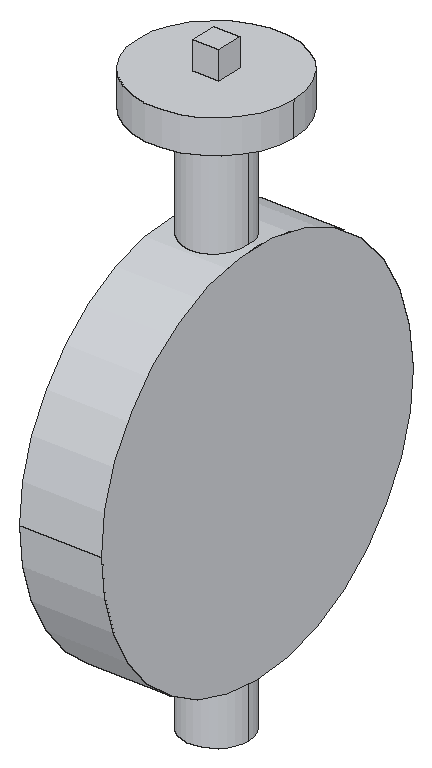
Revit family "HS497-68_disk-nerez_volné vřeteno DN250-RFA_2019", category Pipe Accessories, Revit 2019
Family settings
  Round Connector Dimension = Use Diameter
  Part Type = Valve - Breaks Into
  Work Plane-Based = No
  Always vertical = Yes
  Cut with Voids When Loaded = No
  Shared = No
Parameters (values of type "HS 497-68_DN250_PN16_volné vřeteno")
  magiProductId = "b662e8305ca2402b9c510e66e6aa55"
  magiProductFamilyId = "53cea81e6f374d17b8841d9c72ad77"
  magiPartTypeId = 305
  isMeasuringValve [instance] = no
  ang2D [instance] = 0.00°
  X11 = 88.77 mm
  X1 = 36.77 mm
  W2D = 1000 mm
  VersionID = "2.0/2017.9.26.1/ZETKAMA_497_001"
  Use Minimum Symbol Size [instance] = yes
  URL = "http://www.hydronic.cz"
  Type Comments = "mezipřírubová; nerezový disk; PN16; -10~+110°C (krátkodobě +120°C)"
  SW30 = no
  SW3 = no
  SW21 = no
  SW20 = no
  SW2 = no
  SW1 = yes
  R = 125 mm
  QmdConnectorList = "301;D;302;D"
  Productdata [instance] = ""
  NC = 50 mm
  Manufacturer = "Hydronic Systems Prague s.r.o."
  MM20 = 36.77 mm
  MC Product Code = "124 250 (nerezový disk, s volným vřetenem; DN250; PN16, kvs4555)"
  M41 = 66 mm
  M4 = 44 mm
  LHL = 220 mm
  LHH3 = 2.45 mm
  LHH1 = 46.55 mm
  LH1 = 73.333 mm
  L4R__ve = -L4R  # -12.8 mm
  L4R = 12.8 mm
  L42__ve = -L42  # -96 mm
  L42 = 96 mm
  L41__ve = -L41  # -19.2 mm
  L41 = 19.2 mm
  L2D_Min = 3048 mm
  L2D = 216 mm
  L2 = 34 mm
  L1 = 54.4 mm
  L = 68 mm
  H = 23 mm
  G22 = 11.25 mm
  G2 = 22.5 mm
  G1 = 90 mm
  G = 130 mm
  F = 22 mm
  E44 = 31.25 mm
  E42 = 62.5 mm
  E4 = 125 mm
  E23 = 4.9 mm
  E22 = 19.6 mm
  E21 = 9.8 mm
  Description = "Mezipřírubová uzavírací klapka s volným vřetenem; nerezový disk, DN250; PN16; kvs4555"
  DR2 = 125 mm
  DR = 324 mm
  DD1 = 15.625 mm
  DD = 12.5 mm
  D = 250 mm
  CAT0 = yes
  B2__ve = -B2  # -85 mm
  B2 = 85 mm
  A2 = 28.25 mm
  A1 = 129.25 mm
Types (43, lengths in mm): name | magiProductId | X11 | X1 | Type Comments | SW30 | SW3 | SW20 | SW2 | SW1 | R | NC | Manufacturer | MM20 | MC Product Code | M41 | M4 | LHL | LHH3 | LHH1 | LH1 | L4R__ve | L4R | L42__ve | L42 | L41__ve | L41 | L2 | L1 | L | H | G | F | E44 | E42 | E4 | E23 | E22 | E21 | Description | DR2 | DR | DD1 | DD | D | B2__ve | B2 | A2 | A1
  HS 497-68_DN100_PN16_volné vřeteno | "65d1b245f4f142c78569c0602d5754" | 61.456 | 25.456 | "mezipřírubová; nerezový disk; PN16; -10~+110°C (krátkodobě +120°C)" | no | no | no | no | yes | 50 | 50 | "Hydronic Systems Prague s.r.o." | 25.456 | "124 100 (nerezový disk, s volným vřetenem; DN100; PN16, kvs512)" | 66 | 44 | 220 | 2.45 | 46.55 | 73.333 | -12.8 | 12.8 | -96 | 96 | -19.2 | 19.2 | 26 | 41.6 | 52 | 30 | 90 | 11 | 31.25 | 62.5 | 125 | 4.9 | 19.6 | 9.8 | "Mezipřírubová uzavírací klapka s volným vřetenem; nerezový disk, DN100; PN16; kvs512" | 50 | 147 | 15.625 | 12.5 | 100 | -56 | 56 | 16.5 | 98.5
  HS 497-68_DN100_PN16_převodové kolo | "11e91b807e674d428c8e796fcdcfe2" | 61.456 | 25.456 | "mezipřírubová; nerezový disk; PN16; -10~+110°C (krátkodobě +120°C)" | yes | yes | no | no | no | 50 | 50 | "Hydronic Systems Prague s.r.o." | 25.456 | "126 100 (nerezový disk, s převodovým kolem; DN100; PN16, kvs512)" | 65.25 | 43.5 | 220 | 2.45 | 46.55 | 73.333 | -12.8 | 12.8 | -96 | 96 | -19.2 | 19.2 | 26 | 41.6 | 52 | 30 | 90 | 11 | 31.25 | 62.5 | 125 | 4.9 | 19.6 | 9.8 | "Mezipřírubová uzavírací klapka s převodovým kolem; nerezový disk, DN100; PN16; kvs512" | 50 | 147 | 15.625 | 12.5 | 100 | -56 | 56 | 16.5 | 98.5
  HS 497-68_DN100_PN16_s pákou | "28172f0b3f4b47b28323ac71cf8749" | 61.456 | 25.456 | "mezipřírubová; nerezový disk; PN16; -10~+110°C (krátkodobě +120°C)" | no | no | yes | yes | no | 50 | 50 | "Hydronic Systems Prague s.r.o." | 25.456 | "121 100 (nerezový disk, s pákou; DN100; PN16, kvs512)" | 66 | 44 | 260 | 3 | 57 | 86.667 | -12.8 | 12.8 | -96 | 96 | -19.2 | 19.2 | 26 | 41.6 | 52 | 30 | 90 | 11 | 31.25 | 62.5 | 125 | 6 | 24 | 12 | "Mezipřírubová uzavírací klapka s pákou; nerezový disk, DN100; PN16; kvs512" | 50 | 147 | 15.625 | 12.5 | 100 | -56 | 56 | 16.5 | 98.5
  HS 497-68_DN125_PN16_volné vřeteno | "0d813d910fc14f628bb3c2efbd185c" | 61.456 | 25.456 | "mezipřírubová; nerezový disk; PN16; -10~+110°C (krátkodobě +120°C)" | no | no | no | no | yes | 62.5 | 50 | "Hydronic Systems Prague s.r.o." | 25.456 | "124 125 (nerezový disk, s volným vřetenem; DN125; PN16, kvs872)" | 66 | 44 | 220 | 2.45 | 46.55 | 73.333 | -12.8 | 12.8 | -96 | 96 | -19.2 | 19.2 | 28 | 44.8 | 56 | 33 | 90 | 14 | 31.25 | 62.5 | 125 | 4.9 | 19.6 | 9.8 | "Mezipřírubová uzavírací klapka s volným vřetenem; nerezový disk, DN125; PN16; kvs872" | 62.5 | 180 | 15.625 | 12.5 | 125 | -64 | 64 | 18 | 99.5
  HS 497-68_DN125_PN16_převodové kolo | "c56b7c13f372467684996fb1e0e229" | 61.456 | 25.456 | "mezipřírubová; nerezový disk; PN16; -10~+110°C (krátkodobě +120°C)" | yes | yes | no | no | no | 62.5 | 50 | "Hydronic Systems Prague s.r.o." | 25.456 | "126125 (nerezový disk, s převodovým kolem; DN125; PN16, kvs872)" | 65.25 | 43.5 | 220 | 2.45 | 46.55 | 73.333 | -13.5 | 13.5 | -101.25 | 101.25 | -20.25 | 20.25 | 28 | 44.8 | 56 | 33 | 90 | 14 | 40 | 80 | 160 | 4.9 | 19.6 | 9.8 | "Mezipřírubová uzavírací klapka s převodovým kolem; nerezový disk, DN125; PN16; kvs872" | 62.5 | 180 | 20 | 16 | 125 | -64 | 64 | 18 | 99.5
  HS 497-68_DN125_PN16_s pákou | "105993c79a91492399feef7931321a" | 61.456 | 25.456 | "mezipřírubová; nerezový disk; PN16; -10~+110°C (krátkodobě +120°C)" | no | no | yes | yes | no | 62.5 | 50 | "Hydronic Systems Prague s.r.o." | 25.456 | "121 125 (nerezový disk, s pákou; DN125; PN16, kvs872)" | 66 | 44 | 315 | 3.75 | 71.25 | 105 | -12.8 | 12.8 | -96 | 96 | -19.2 | 19.2 | 28 | 44.8 | 56 | 33 | 90 | 14 | 31.25 | 62.5 | 125 | 7.5 | 30 | 15 | "Mezipřírubová uzavírací klapka s pákou; nerezový disk, DN125; PN16; kvs872" | 62.5 | 180 | 15.625 | 12.5 | 125 | -64 | 64 | 18 | 99.5
  HS 497-68_DN150_PN16_volné vřeteno | "50c80cb8ab434f55ab7796e5ac1331" | 61.456 | 25.456 | "mezipřírubová; nerezový disk; PN16; -10~+110°C (krátkodobě +120°C)" | no | no | no | no | yes | 75 | 50 | "Hydronic Systems Prague s.r.o." | 25.456 | "124 150 (nerezový disk, s volným vřetenem; DN150; PN16, kvs1347)" | 66 | 44 | 220 | 2.45 | 46.55 | 73.333 | -12.8 | 12.8 | -96 | 96 | -19.2 | 19.2 | 28 | 44.8 | 56 | 33 | 90 | 14 | 31.25 | 62.5 | 125 | 4.9 | 19.6 | 9.8 | "Mezipřírubová uzavírací klapka s volným vřetenem; nerezový disk, DN150; PN16; kvs1347" | 75 | 206 | 15.625 | 12.5 | 150 | -58 | 58 | 19.3 | 98.7
  HS 497-68_DN150_PN16_převodové kolo | "d94a1a0cf83b476eb10011b327f709" | 61.456 | 25.456 | "mezipřírubová; nerezový disk; PN16; -10~+110°C (krátkodobě +120°C)" | yes | yes | no | no | no | 75 | 50 | "Hydronic Systems Prague s.r.o." | 25.456 | "126 150 (nerezový disk, s převodovým kolem; DN150; PN16, kvs1347)" | 65.25 | 43.5 | 220 | 2.45 | 46.55 | 73.333 | -13.5 | 13.5 | -101.25 | 101.25 | -20.25 | 20.25 | 28 | 44.8 | 56 | 33 | 90 | 14 | 40 | 80 | 160 | 4.9 | 19.6 | 9.8 | "Mezipřírubová uzavírací klapka s převodovým kolem; nerezový disk, DN150; PN16; kvs1347" | 75 | 206 | 20 | 16 | 150 | -58 | 58 | 19.3 | 98.7
  HS 497-68_DN150_PN16_s pákou | "4d2835523fe84828bc50ff0a5a0dfb" | 61.456 | 25.456 | "mezipřírubová; nerezový disk; PN16; -10~+110°C (krátkodobě +120°C)" | no | no | yes | yes | no | 75 | 50 | "Hydronic Systems Prague s.r.o." | 25.456 | "121 150 (nerezový disk, s pákou; DN150; PN16, kvs1347)" | 66 | 44 | 315 | 3.75 | 71.25 | 105 | -12.8 | 12.8 | -96 | 96 | -19.2 | 19.2 | 28 | 44.8 | 56 | 33 | 90 | 14 | 31.25 | 62.5 | 125 | 7.5 | 30 | 15 | "Mezipřírubová uzavírací klapka s pákou; nerezový disk, DN150; PN16; kvs1347" | 75 | 206 | 15.625 | 12.5 | 150 | -58 | 58 | 19.3 | 98.7
  HS 497-68_DN200_PN16_volné vřeteno | "5b29029eaeba47139ee1055a4b9201" | 61.456 | 25.456 | "mezipřírubová; nerezový disk; PN16; -10~+110°C (krátkodobě +120°C)" | no | no | no | no | yes | 100 | 50 | "Hydronic Systems Prague s.r.o." | 25.456 | "124 200 (nerezový disk, s volným vřetenem; DN200; PN16, kvs2675)" | 66 | 44 | 220 | 2.45 | 46.55 | 73.333 | -12.8 | 12.8 | -96 | 96 | -19.2 | 19.2 | 30 | 48 | 60 | 33 | 90 | 17 | 31.25 | 62.5 | 125 | 4.9 | 19.6 | 9.8 | "Mezipřírubová uzavírací klapka s volným vřetenem; nerezový disk, DN200; PN16; kvs2675" | 100 | 257 | 15.625 | 12.5 | 200 | -70 | 70 | 22.5 | 102.5
  HS 497-68_DN200_PN16_převodové kolo | "b2793cc1fcc44cf2a35062cd67c04f" | 61.456 | 25.456 | "mezipřírubová; nerezový disk; PN16; -10~+110°C (krátkodobě +120°C)" | yes | yes | no | no | no | 100 | 57 | "Hydronic Systems Prague s.r.o." | 25.456 | "126 200 (nerezový disk, s převodovým kolem; DN200; PN16, kvs2675)" | 78.75 | 52.5 | 220 | 2.45 | 46.55 | 73.333 | -15.2 | 15.2 | -114 | 114 | -22.8 | 22.8 | 30 | 48 | 60 | 33 | 90 | 17 | 50 | 100 | 200 | 4.9 | 19.6 | 9.8 | "Mezipřírubová uzavírací klapka s převodovým kolem; nerezový disk, DN200; PN16; kvs2675" | 100 | 257 | 25 | 20 | 200 | -70 | 70 | 22.5 | 102.5
  HS 497-68_DN200_PN16_s pákou | "f88d96c7af224537a51e72d7d8fffe" | 61.456 | 25.456 | "mezipřírubová; nerezový disk; PN16; -10~+110°C (krátkodobě +120°C)" | no | no | yes | yes | no | 100 | 50 | "Hydronic Systems Prague s.r.o." | 25.456 | "121 200 (nerezový disk, s pákou; DN200; PN16, kvs2675)" | 66 | 44 | 315 | 3.75 | 71.25 | 105 | -12.8 | 12.8 | -96 | 96 | -19.2 | 19.2 | 30 | 48 | 60 | 33 | 90 | 17 | 31.25 | 62.5 | 125 | 7.5 | 30 | 15 | "Mezipřírubová uzavírací klapka s pákou; nerezový disk, DN200; PN16; kvs2675" | 100 | 257 | 15.625 | 12.5 | 200 | -70 | 70 | 22.5 | 102.5
  HS 497-68_DN250_PN16_volné vřeteno | "b662e8305ca2402b9c510e66e6aa55" | 88.77 | 36.77 | "mezipřírubová; nerezový disk; PN16; -10~+110°C (krátkodobě +120°C)" | no | no | no | no | yes | 125 | 50 | "Hydronic Systems Prague s.r.o." | 36.77 | "124 250 (nerezový disk, s volným vřetenem; DN250; PN16, kvs4555)" | 66 | 44 | 220 | 2.45 | 46.55 | 73.333 | -12.8 | 12.8 | -96 | 96 | -19.2 | 19.2 | 34 | 54.4 | 68 | 23 | 130 | 22 | 31.25 | 62.5 | 125 | 4.9 | 19.6 | 9.8 | "Mezipřírubová uzavírací klapka s volným vřetenem; nerezový disk, DN250; PN16; kvs4555" | 125 | 324 | 15.625 | 12.5 | 250 | -85 | 85 | 28.25 | 129.25
  HS 497-68_DN250_PN16_převodové kolo | "5ee9016806664ddfaa2632711f295c" | 88.77 | 36.77 | "mezipřírubová; nerezový disk; PN16; -10~+110°C (krátkodobě +120°C)" | yes | yes | no | no | no | 125 | 70 | "Hydronic Systems Prague s.r.o." | 36.77 | "126 250 (nerezový disk, s převodovým kolem; DN250; PN16, kvs4555)" | 91.5 | 61 | 220 | 2.45 | 46.55 | 73.333 | -22.2 | 22.2 | -166.5 | 166.5 | -33.3 | 33.3 | 34 | 54.4 | 68 | 23 | 130 | 22 | 62.5 | 125 | 250 | 4.9 | 19.6 | 9.8 | "Mezipřírubová uzavírací klapka s převodovým kolem; nerezový disk, DN250; PN16; kvs4555" | 125 | 324 | 31.25 | 25 | 250 | -85 | 85 | 28.25 | 129.25
  HS 497-68_DN300_PN16_volné vřeteno | "e1886f51ff004380a649519258edf2" | 88.77 | 36.77 | "mezipřírubová; nerezový disk; PN16; -10~+110°C (krátkodobě +120°C)" | no | no | no | no | yes | 150 | 50 | "Hydronic Systems Prague s.r.o." | 36.77 | "124 300 (nerezový disk, s volným vřetenem; DN300; PN16, kvs7037)" | 66 | 44 | 220 | 2.45 | 46.55 | 73.333 | -12.8 | 12.8 | -96 | 96 | -19.2 | 19.2 | 39 | 62.4 | 78 | 23 | 130 | 22 | 31.25 | 62.5 | 125 | 4.9 | 19.6 | 9.8 | "Mezipřírubová uzavírací klapka s volným vřetenem; nerezový disk, DN300; PN16; kvs7037" | 150 | 376 | 15.625 | 12.5 | 300 | -90 | 90 | 30.8 | 127.2
  HS 497-68_DN300_PN16_převodové kolo | "6860f094f77d42088fbebc3c97f755" | 88.77 | 36.77 | "mezipřírubová; nerezový disk; PN16; -10~+110°C (krátkodobě +120°C)" | yes | yes | no | no | no | 150 | 70 | "Hydronic Systems Prague s.r.o." | 36.77 | "126 300 (nerezový disk, s převodovým kolem; DN300; PN16, kvs7037)" | 91.5 | 61 | 220 | 2.45 | 46.55 | 73.333 | -22.2 | 22.2 | -166.5 | 166.5 | -33.3 | 33.3 | 39 | 62.4 | 78 | 23 | 130 | 22 | 62.5 | 125 | 250 | 4.9 | 19.6 | 9.8 | "Mezipřírubová uzavírací klapka s převodovým kolem; nerezový disk, DN300; PN16; kvs7037" | 150 | 376 | 31.25 | 25 | 300 | -90 | 90 | 30.8 | 127.2
  HS 497-68_DN032_PN16_volné vřeteno | "8c5f65de52aa4067a77564107e31b2" | 61.456 | 25.456 | "mezipřírubová; nerezový disk; PN16; -10~+110°C (krátkodobě +120°C)" | no | no | no | no | yes | 16 | 50 | "Hydronic Systems Prague s.r.o." | 25.456 | "124 032 (nerezový disk, s volným vřetenem; DN32; PN16, kvs78)" | 66 | 44 | 220 | 2.45 | 46.55 | 73.333 | -12.8 | 12.8 | -96 | 96 | -19.2 | 19.2 | 16.5 | 26.4 | 33 | 30 | 90 | 11 | 31.25 | 62.5 | 125 | 4.9 | 19.6 | 9.8 | "Mezipřírubová uzavírací klapka s volným vřetenem; nerezový disk, DN32; PN16; kvs78" | 16 | 68 | 15.625 | 12.5 | 32 | -44.2 | 44.2 | 10.25 | 76.25
  HS 497-68_DN032_PN16_převodové kolo | "60aaeffa8b3a4e809ef000e4660060" | 61.456 | 25.456 | "mezipřírubová; nerezový disk; PN16; -10~+110°C (krátkodobě +120°C)" | yes | yes | no | no | no | 16 | 50 | "Hydronic Systems Prague s.r.o." | 25.456 | "126 032 (nerezový disk, s převodovým kolem; DN32; PN16, kvs78)" | 65.25 | 43.5 | 220 | 2.45 | 46.55 | 73.333 | -12.8 | 12.8 | -96 | 96 | -19.2 | 19.2 | 16.5 | 26.4 | 33 | 30 | 90 | 11 | 31.25 | 62.5 | 125 | 4.9 | 19.6 | 9.8 | "Mezipřírubová uzavírací klapka s převodovým kolem; nerezový disk, DN32; PN16; kvs78" | 16 | 68 | 15.625 | 12.5 | 32 | -44.2 | 44.2 | 10.25 | 76.25
  HS 497-68_DN032_PN16_s pákou | "9ad8088d610749a1b871aa2aad8007" | 61.456 | 25.456 | "mezipřírubová; nerezový disk; PN16; -10~+110°C (krátkodobě +120°C)" | no | no | yes | yes | no | 16 | 50 | "Hydronic Systems Prague s.r.o." | 25.456 | "121 032 (nerezový disk, s pákou; DN32; PN16, kvs78)" | 66 | 44 | 220 | 2.45 | 46.55 | 73.333 | -12.8 | 12.8 | -96 | 96 | -19.2 | 19.2 | 16.5 | 26.4 | 33 | 30 | 90 | 11 | 31.25 | 62.5 | 125 | 4.9 | 19.6 | 9.8 | "Mezipřírubová uzavírací klapka s pákou; nerezový disk, DN32; PN16; kvs78" | 16 | 68 | 15.625 | 12.5 | 32 | -44.2 | 44.2 | 10.25 | 76.25
  HS 497-68_DN350_PN10_volné vřeteno | "72a1e05f22944421b7e9596a877137" | 109.255 | 45.255 | "mezipřírubová; nerezový disk; PN10; -10~+110°C (krátkodobě +120°C)" | no | no | no | no | yes | 175 | 50 | "Hydronic Systems Prague s.r.o." | 45.255 | "124 350 (nerezový disk, s volným vřetenem; DN350; PN10, kvs10165)" | 66 | 44 | 220 | 2.45 | 46.55 | 73.333 | -12.8 | 12.8 | -96 | 96 | -19.2 | 19.2 | 39 | 62.4 | 78 | 31 | 160 | 22 | 31.25 | 62.5 | 125 | 4.9 | 19.6 | 9.8 | "Mezipřírubová uzavírací klapka s volným vřetenem; nerezový disk, DN350; PN10; kvs10165" | 175 | 430 | 15.625 | 12.5 | 350 | -88 | 88 | 33.85 | 129.65
  HS 497-68_DN350_PN10_převodové kolo | "a5a01426cb28494ba3afca92f1dace" | 109.255 | 45.255 | "mezipřírubová; nerezový disk; PN10; -10~+110°C (krátkodobě +120°C)" | yes | yes | no | no | no | 175 | 70 | "Hydronic Systems Prague s.r.o." | 45.255 | "126 350 (nerezový disk, s převodovým kolem; DN350; PN10, kvs10165)" | 91.5 | 61 | 220 | 2.45 | 46.55 | 73.333 | -22.2 | 22.2 | -166.5 | 166.5 | -33.3 | 33.3 | 39 | 62.4 | 78 | 31 | 160 | 22 | 62.5 | 125 | 250 | 4.9 | 19.6 | 9.8 | "Mezipřírubová uzavírací klapka s převodovým kolem; nerezový disk, DN350; PN10; kvs10165" | 175 | 430 | 31.25 | 25 | 350 | -88 | 88 | 33.85 | 129.65
  HS 497-68_DN400_PN10_volné vřeteno | "c70ebeb927c04ab99b176e257ad0a7" | 109.255 | 45.255 | "mezipřírubová; nerezový disk; PN10; -10~+110°C (krátkodobě +120°C)" | no | no | no | no | yes | 200 | 50 | "Hydronic Systems Prague s.r.o." | 45.255 | "124 400 (nerezový disk, s volným vřetenem; DN400; PN10, kvs13799)" | 66 | 44 | 220 | 2.45 | 46.55 | 73.333 | -12.8 | 12.8 | -96 | 96 | -19.2 | 19.2 | 51 | 81.6 | 102 | 31 | 160 | 27 | 31.25 | 62.5 | 125 | 4.9 | 19.6 | 9.8 | "Mezipřírubová uzavírací klapka s volným vřetenem; nerezový disk, DN400; PN10; kvs13799" | 200 | 485 | 15.625 | 12.5 | 400 | -108 | 108 | 38 | 142
  HS 497-68_DN400_PN10_převodové kolo | "cc64a4384dcb41b780d81810f4f293" | 109.255 | 45.255 | "mezipřírubová; nerezový disk; PN10; -10~+110°C (krátkodobě +120°C)" | yes | yes | no | no | no | 200 | 72.5 | "Hydronic Systems Prague s.r.o." | 45.255 | "126 400 (nerezový disk, s převodovým kolem; DN400; PN10, kvs13799)" | 103.5 | 69 | 220 | 2.45 | 46.55 | 73.333 | -27.8 | 27.8 | -208.5 | 208.5 | -41.7 | 41.7 | 51 | 81.6 | 102 | 31 | 160 | 27 | 75 | 150 | 300 | 4.9 | 19.6 | 9.8 | "Mezipřírubová uzavírací klapka s převodovým kolem; nerezový disk, DN400; PN10; kvs13799" | 200 | 485 | 37.5 | 30 | 400 | -108 | 108 | 38 | 142
  HS 497-68_DN040_PN16_volné vřeteno | "35f92312390745e88df5b5c325d9ee" | 61.456 | 25.456 | "mezipřírubová; nerezový disk; PN16; -10~+110°C (krátkodobě +120°C)" | no | no | no | no | yes | 20 | 50 | "Hydronic Systems Prague s.r.o." | 25.456 | "124 040 (nerezový disk, s volným vřetenem; DN40; PN16, kvs78)" | 66 | 44 | 220 | 2.45 | 46.55 | 73.333 | -12.8 | 12.8 | -96 | 96 | -19.2 | 19.2 | 16.5 | 26.4 | 33 | 30 | 90 | 11 | 31.25 | 62.5 | 125 | 4.9 | 19.6 | 9.8 | "Mezipřírubová uzavírací klapka s volným vřetenem; nerezový disk, DN40; PN16; kvs78" | 20 | 76 | 15.625 | 12.5 | 40 | -36 | 36 | 11 | 79
  HS 497-68_DN040_PN16_převodové kolo | "d88e968eae3445bc9b7b4e6ff35127" | 61.456 | 25.456 | "mezipřírubová; nerezový disk; PN16; -10~+110°C (krátkodobě +120°C)" | yes | yes | no | no | no | 20 | 50 | "Hydronic Systems Prague s.r.o." | 25.456 | "126 040 (nerezový disk, s převodovým kolem; DN40; PN16, kvs78)" | 65.25 | 43.5 | 220 | 2.45 | 46.55 | 73.333 | -12.8 | 12.8 | -96 | 96 | -19.2 | 19.2 | 16.5 | 26.4 | 33 | 30 | 90 | 11 | 31.25 | 62.5 | 125 | 4.9 | 19.6 | 9.8 | "Mezipřírubová uzavírací klapka s převodovým kolem; nerezový disk, DN40; PN16; kvs78" | 20 | 76 | 15.625 | 12.5 | 40 | -36 | 36 | 11 | 79
  HS 497-68_DN040_PN16_s pákou | "c1b522ca65b4407a98818f232eaacb" | 61.456 | 25.456 | "mezipřírubová; nerezový disk; PN16; -10~+110°C (krátkodobě +120°C)" | no | no | yes | yes | no | 20 | 50 | "Hydronic Systems Prague s.r.o." | 25.456 | "121 040 (nerezový disk, s pákou; DN40; PN16, kvs78)" | 66 | 44 | 220 | 2.45 | 46.55 | 73.333 | -12.8 | 12.8 | -96 | 96 | -19.2 | 19.2 | 16.5 | 26.4 | 33 | 30 | 90 | 11 | 31.25 | 62.5 | 125 | 4.9 | 19.6 | 9.8 | "Mezipřírubová uzavírací klapka s pákou; nerezový disk, DN40; PN16; kvs78" | 20 | 76 | 15.625 | 12.5 | 40 | -36 | 36 | 11 | 79
  HS 497-68_DN450_PN10_volné vřeteno | "a8358bc282f14872b3194e530e590a" | 129.74 | 53.74 | "mezipřírubová; nerezový disk; PN10; -10~+110°C (krátkodobě +120°C)" | no | no | no | no | yes | 225 | 50 | "Hydronic Systems Prague s.r.o." | 53.74 | "124 450 (nerezový disk, s volným vřetenem; DN450; PN10, kvs18514)" | 66 | 44 | 220 | 2.45 | 46.55 | 73.333 | -12.8 | 12.8 | -96 | 96 | -19.2 | 19.2 | 57 | 91.2 | 114 | 38 | 190 | 36 | 31.25 | 62.5 | 125 | 4.9 | 19.6 | 9.8 | "Mezipřírubová uzavírací klapka s volným vřetenem; nerezový, DN450; PN10; kvs18514" | 225 | 536 | 15.625 | 12.5 | 450 | -115 | 115 | 38.05 | 117.45
  HS 497-68_DN450_PN10_převodové kolo | "cdf2d80f54a9414f9cbe50647c0ebd" | 129.74 | 53.74 | "mezipřírubová; nerezový disk; PN10; -10~+110°C (krátkodobě +120°C)" | yes | yes | no | no | no | 225 | 91.5 | "Zetkama" | 53.74 | "126 450 (nerezový disk, s převodovým kolem; DN450; PN10, kvs18514)" | 144.75 | 96.5 | 220 | 2.45 | 46.55 | 73.333 | -32.1 | 32.1 | -240.75 | 240.75 | -48.15 | 48.15 | 57 | 91.2 | 114 | 38 | 190 | 36 | 100 | 200 | 400 | 4.9 | 19.6 | 9.8 | "Mezipřírubová uzavírací klapka s převodovým kolem; nerezový disk, DN450; PN10; kvs18514" | 225 | 536 | 50 | 40 | 450 | -115 | 115 | 38.05 | 117.45
  HS 497-68_DN500_PN10_volné vřeteno | "8c396e27bb2743f98f3c762b6517cd" | 143.397 | 59.397 | "mezipřírubová; nerezový disk; PN10; -10~+110°C (krátkodobě +120°C)" | no | no | no | no | yes | 250 | 50 | "Hydronic Systems Prague s.r.o." | 59.397 | "124 500 (nerezový disk, s volným vřetenem; DN500; PN10, kvs23805)" | 66 | 44 | 220 | 2.45 | 46.55 | 73.333 | -12.8 | 12.8 | -96 | 96 | -19.2 | 19.2 | 63.5 | 101.6 | 127 | 38 | 210 | 36 | 31.25 | 62.5 | 125 | 4.9 | 19.6 | 9.8 | "Mezipřírubová uzavírací klapka s volným vřetenem; nerezový disk, DN500; PN10; kvs23805" | 250 | 593 | 15.625 | 12.5 | 500 | -130 | 130 | 43.25 | 139.25
  HS 497-68_DN500_PN10_převodové kolo | "7647804f32e94cef828a7034a91a46" | 143.397 | 59.397 | "mezipřírubová; nerezový disk; PN10; -10~+110°C (krátkodobě +120°C)" | yes | yes | no | no | no | 250 | 91.5 | "Zetkama" | 59.397 | "126 500 (nerezový disk, s převodovým kolem; DN500; PN10, kvs23805)" | 144.75 | 96.5 | 220 | 2.45 | 46.55 | 73.333 | -32.1 | 32.1 | -240.75 | 240.75 | -48.15 | 48.15 | 63.5 | 101.6 | 127 | 38 | 210 | 36 | 100 | 200 | 400 | 4.9 | 19.6 | 9.8 | "Mezipřírubová uzavírací klapka s převodovým kolem; nerezový disk, DN500; PN10; kvs23805" | 250 | 593 | 50 | 40 | 500 | -130 | 130 | 43.25 | 139.25
  HS 497-68_DN050_volné vřeteno | "d71f296ecd6d4adf8f6e5d9853b4e0" | 61.456 | 25.456 | "mezipřírubová; nerezový disk; PN16; -10~+110°C (krátkodobě +120°C)" | no | no | no | no | yes | 25 | 50 | "Hydronic Systems Prague s.r.o." | 25.456 | "124 050 (nerezový disk, s volným vřetenem; DN50; PN16, kvs98)" | 66 | 44 | 220 | 2.45 | 46.55 | 73.333 | -12.8 | 12.8 | -96 | 96 | -19.2 | 19.2 | 21.5 | 34.4 | 43 | 30 | 90 | 11 | 31.25 | 62.5 | 125 | 4.9 | 19.6 | 9.8 | "Mezipřírubová uzavírací klapka s volným vřetenem; nerezový disk, DN50; PN16; kvs98" | 25 | 100 | 15.625 | 12.5 | 50 | -36.5 | 36.5 | 12 | 83
  HS 497-68_DN050_PN16_převodové kolo | "2fb080deeaed49c58418b94c1da5a4" | 61.456 | 25.456 | "mezipřírubová; nerezový disk; PN16; -10~+110°C (krátkodobě +120°C)" | yes | yes | no | no | no | 25 | 50 | "Hydronic Systems Prague s.r.o." | 25.456 | "126 050 (nerezový disk, s převodovým kolem; DN50; PN16, kvs98)" | 65.25 | 43.5 | 220 | 2.45 | 46.55 | 73.333 | -12.8 | 12.8 | -96 | 96 | -19.2 | 19.2 | 21.5 | 34.4 | 43 | 30 | 90 | 11 | 31.25 | 62.5 | 125 | 4.9 | 19.6 | 9.8 | "Mezipřírubová uzavírací klapka s převodovým kolem; nerezový disk, DN50; PN16; kvs98" | 25 | 100 | 15.625 | 12.5 | 50 | -36.5 | 36.5 | 12 | 83
  HS 497-68_DN050_PN16_s pákou | "dabc632061f94877a994b9b4e68112" | 61.456 | 25.456 | "mezipřírubová; nerezový disk; PN16; -10~+110°C (krátkodobě +120°C)" | no | no | yes | yes | no | 25 | 50 | "Hydronic Systems Prague s.r.o." | 25.456 | "121 050 (nerezový disk, s pákou; DN50; PN16, kvs98)" | 66 | 44 | 220 | 2.45 | 46.55 | 73.333 | -12.8 | 12.8 | -96 | 96 | -19.2 | 19.2 | 21.5 | 34.4 | 43 | 30 | 90 | 11 | 31.25 | 62.5 | 125 | 4.9 | 19.6 | 9.8 | "Mezipřírubová uzavírací klapka s pákou; nerezový disk, DN50; PN16; kvs98" | 25 | 100 | 15.625 | 12.5 | 50 | -36.5 | 36.5 | 12 | 83
  HS 497-68_DN600_PN10_volné vřeteno | "99d5892c14664fce81a7c5903f7711" | 143.397 | 59.397 | "mezipřírubová; nerezový disk; PN10; -10~+110°C (krátkodobě +120°C)" | no | no | no | no | yes | 300 | 50 | "Hydronic Systems Prague s.r.o." | 59.397 | "124 600 (nerezový disk, s volným vřetenem; DN600; PN10, kvs36778)" | 66 | 44 | 220 | 2.45 | 46.55 | 73.333 | -12.8 | 12.8 | -96 | 96 | -19.2 | 19.2 | 77 | 123.2 | 154 | 80 | 210 | 60 | 31.25 | 62.5 | 125 | 4.9 | 19.6 | 9.8 | "Mezipřírubová uzavírací klapka s volným vřetenem; nerezový disk, DN600; PN10; kvs36788" | 300 | 690 | 15.625 | 12.5 | 600 | -140 | 140 | 49.4 | 144.6
  HS 497-68_DN600_PN10_převodové kolo | "b1e26faab48a4c499f6bb11e7e3002" | 143.397 | 59.397 | "mezipřírubová; lnerezový disk; PN10; -10~+110°C (krátkodobě +120°C)" | yes | yes | no | no | no | 300 | 140 | "Hydronic Systems Prague s.r.o." | 59.397 | "126 600 (nerezový disk, s převodovým kolem; DN600; PN10, kvs36778)" | 206.25 | 137.5 | 220 | 2.45 | 46.55 | 73.333 | -40.8 | 40.8 | -306 | 306 | -61.2 | 61.2 | 77 | 123.2 | 154 | 80 | 210 | 60 | 125 | 250 | 500 | 4.9 | 19.6 | 9.8 | "Mezipřírubová uzavírací klapka s převodovým kolem; nerezový disk, DN600; PN10; kvs36788" | 300 | 690 | 62.5 | 50 | 600 | -140 | 140 | 49.4 | 144.6
  HS 497-68_DN065_PN16_volné vřeteno | "5e5e208646e34ec29f889baab5d08e" | 61.456 | 25.456 | "mezipřírubová; lnerezový disk; PN16; -10~+110°C (krátkodobě +120°C)" | no | no | no | no | yes | 32.5 | 50 | "Hydronic Systems Prague s.r.o." | 25.456 | "124 065 (nerezový disk, s volným vřetenem; DN65; PN16, kvs167)" | 66 | 44 | 220 | 2.45 | 46.55 | 73.333 | -12.8 | 12.8 | -96 | 96 | -19.2 | 19.2 | 23 | 36.8 | 46 | 30 | 90 | 11 | 31.25 | 62.5 | 125 | 4.9 | 19.6 | 9.8 | "Mezipřírubová uzavírací klapka s volným vřetenem; nerezový disk, DN65; PN16; kv167" | 32.5 | 108 | 15.625 | 12.5 | 65 | -36.5 | 36.5 | 13.5 | 89
  HS 497-68_DN065_PN16_převodové kolo | "654d74c8d15540b0bfe523d988ccb3" | 61.456 | 25.456 | "mezipřírubová; nerezový disk; PN16; -10~+110°C (krátkodobě +120°C)" | yes | yes | no | no | no | 32.5 | 50 | "Hydronic Systems Prague s.r.o." | 25.456 | "126 065 (nerezový disk, s převodovým kolem; DN65; PN16, kvs167)" | 65.25 | 43.5 | 220 | 2.45 | 46.55 | 73.333 | -12.8 | 12.8 | -96 | 96 | -19.2 | 19.2 | 23 | 36.8 | 46 | 30 | 90 | 11 | 31.25 | 62.5 | 125 | 4.9 | 19.6 | 9.8 | "Mezipřírubová uzavírací klapka s převodovým kolem; nerezový disk, DN65; PN16; kvs167" | 32.5 | 108 | 15.625 | 12.5 | 65 | -36.5 | 36.5 | 13.5 | 89
  HS 497-68_DN065_PN16_s pákou | "ebeb4b59db0641caaf6d6635ab37b9" | 61.456 | 25.456 | "mezipřírubová; nerezový disk; PN16; -10~+110°C (krátkodobě +120°C)" | no | no | yes | yes | no | 32.5 | 50 | "Hydronic Systems Prague s.r.o." | 25.456 | "121 065 (nerezový disk, s pákou; DN65; PN16, kvs167)" | 66 | 44 | 220 | 2.45 | 46.55 | 73.333 | -12.8 | 12.8 | -96 | 96 | -19.2 | 19.2 | 23 | 36.8 | 46 | 30 | 90 | 11 | 31.25 | 62.5 | 125 | 4.9 | 19.6 | 9.8 | "Mezipřírubová uzavírací klapka s pákou; nerezový disk, DN65; PN16; kvs167" | 32.5 | 108 | 15.625 | 12.5 | 65 | -36.5 | 36.5 | 13.5 | 89
  HS 497-68_DN080_PN16_volné vřeteno | "9e85c75c18654e1185a9c48ed6b00e" | 61.456 | 25.456 | "mezipřírubová; nerezový disk; PN16; -10~+110°C (krátkodobě +120°C)" | no | no | no | no | yes | 40 | 50 | "Hydronic Systems Prague s.r.o." | 25.456 | "124 080 (nerezový disk, s volným vřetenem; DN80; PN16, kvs258)" | 66 | 44 | 220 | 2.45 | 46.55 | 73.333 | -12.8 | 12.8 | -96 | 96 | -19.2 | 19.2 | 23 | 36.8 | 46 | 30 | 90 | 11 | 31.25 | 62.5 | 125 | 4.9 | 19.6 | 9.8 | "Mezipřírubová uzavírací klapka s volným vřetenem; nerezový disk, DN80; PN16; kvs258" | 40 | 124 | 15.625 | 12.5 | 80 | -54 | 54 | 14.1 | 86.9
  HS 497-68_DN080_PN16_převodové kolo | "5b3c8238c3d041e68c75b199e7ea46" | 61.456 | 25.456 | "mezipřírubová; nerezový disk; PN16; -10~+110°C (krátkodobě +120°C)" | yes | yes | no | no | no | 40 | 50 | "Hydronic Systems Prague s.r.o." | 25.456 | "126 080 (nerezový disk, s převodovým kolem; DN80; PN16, kvs258)" | 65.25 | 43.5 | 220 | 2.45 | 46.55 | 73.333 | -12.8 | 12.8 | -96 | 96 | -19.2 | 19.2 | 23 | 36.8 | 46 | 30 | 90 | 11 | 31.25 | 62.5 | 125 | 4.9 | 19.6 | 9.8 | "Mezipřírubová uzavírací klapka s převodovým kolem; nerezový disk, DN80; PN16; kvs258" | 40 | 124 | 15.625 | 12.5 | 80 | -54 | 54 | 14.1 | 86.9
  HS 497-68_DN080_PN16_s pákou | "e414795fab0f4eccb99bc3572c5477" | 61.456 | 25.456 | "mezipřírubová; nerezový disk; PN16; -10~+110°C (krátkodobě +120°C)" | no | no | yes | yes | no | 40 | 50 | "Hydronic Systems Prague s.r.o." | 25.456 | "121 080 (nerezový disk, s pákou; DN80; PN16, kvs258)" | 66 | 44 | 260 | 3 | 57 | 86.667 | -12.8 | 12.8 | -96 | 96 | -19.2 | 19.2 | 23 | 36.8 | 46 | 30 | 90 | 11 | 31.25 | 62.5 | 125 | 6 | 24 | 12 | "Mezipřírubová uzavírací klapka s pákou; nerezový disk, DN80; PN16; kvs258" | 40 | 124 | 15.625 | 12.5 | 80 | -54 | 54 | 14.1 | 86.9
  HS 497-68_DN250_PN16_s pákou | "" | 88.77 | 36.77 | "mezipřírubová; nerezový disk; PN16; -10~+110°C (krátkodobě +120°C)" | no | no | yes | yes | no | 125 | 70 | "Hydronic Systems Prague s.r.o." | 36.77 | "121 250 (nerezový disk, s ákou; DN250; PN16, kvs4555)" | 91.5 | 61 | 220 | 2.45 | 46.55 | 73.333 | -22.2 | 22.2 | -166.5 | 166.5 | -33.3 | 33.3 | 34 | 54.4 | 68 | 23 | 130 | 22 | 62.5 | 125 | 250 | 4.9 | 19.6 | 9.8 | "Mezipřírubová uzavírací klapka s pákou; nerezový disk, DN250; PN16; kvs4555" | 125 | 324 | 31.25 | 25 | 250 | -85 | 85 | 28.25 | 129.25
  HS 497-68_DN300_PN16_s pákou | "" | 88.77 | 36.77 | "mezipřírubová; nerezový disk; PN16; -10~+110°C (krátkodobě +120°C)" | no | no | yes | yes | no | 150 | 70 | "Hydronic Systems Prague s.r.o." | 36.77 | "121 300 (nerezový disk, s pákou; DN300; PN16, kvs7037)" | 91.5 | 61 | 220 | 2.45 | 46.55 | 73.333 | -22.2 | 22.2 | -166.5 | 166.5 | -33.3 | 33.3 | 39 | 62.4 | 78 | 23 | 130 | 22 | 62.5 | 125 | 250 | 4.9 | 19.6 | 9.8 | "Mezipřírubová uzavírací klapka s pákou; nerezový disk, DN300; PN16; kvs7037" | 150 | 376 | 31.25 | 25 | 300 | -90 | 90 | 30.8 | 127.2
Reference planes
  plane 1 "Center (Front/Back)": y = 0
  plane 2 "XYPLANE": z = 0
  plane 3 "Center (Left/Right)": x = 0
  plane 4 "473": x = -36.77
  plane 5 "472": x = -66
  plane 6 "471": y = -36.77
  plane 7 "470": y = 36.77
  plane 8 "469": x = -44
  plane 9 "468": y = -115.2
  plane 10 "467": y = -96
  plane 11 "466": z = 313.75
  plane 12 "465": z = 329.05
  plane 13 "464": y = 145.417
  plane 14 "463": z = 319.25
  plane 15 "462": z = 302.1
  plane 16 "461": z = 311.9
  plane 17 "460": y = 72.083
  plane 18 "459": x = -11.25
  plane 19 "458": x = 11.25
  plane 20 "457": y = -6.25
  plane 21 "456": x = -17.5
  plane 22 "455": x = 17.5
  plane 23 "454": z = 316.8
  plane 24 "453": y = 62.083
  plane 25 "452": y = -11.25
  plane 26 "451": x = -22.5
  plane 27 "450": x = 22.5
  plane 28 "449": z = 297.2
  plane 29 "448": z = 292.3
  plane 30 "447": z = -125
  plane 31 "446": z = 282.5
  plane 32 "445": z = 254.25
  plane 33 "444": z = 125
  plane 34 "443": x = 34
  plane 35 "442": x = -34
  plane 36 "441": z = 0
  plane 37 "440": y = 0
  plane 38 "439": x = 0
  plane 39 "438": z = 331.5
  plane 40 "437": z = 316.8
  plane 41 "436": x = 13.7
  plane 42 "435": x = -13.7
  plane 43 "434": y = 220
Forms (mm)
  Extrusion 1, solid, visible <- "SW3"
    sketch origin (-750, 0, 282.5) x (1, 0, 0) y (0, 1, 0)
      loop
        line (684, 36.77) -> (684, -36.77) -> (713.23, -36.77)
        arc (713.23, -36.77) -> (802, 0) -> (713.23, 36.77) r 52
        line (713.23, 36.77) -> (684, 36.77)
    from 0 to 62.5 <- "E42"
  Extrusion 2, solid, visible <- "SW30"
    sketch origin (0, -750, 0) x (0, 1, 0) y (0, 0, 1)
      loop
        circle (750, 313.75) r 7.813
    from 0 to 50 <- "NC"
  Extrusion 3, solid, visible <- "SW30"
    sketch origin (750, -115.2, 0) x (-1, 0, 0) y (0, 0, 1)
      loop
        circle (794, 313.75) r 62.5
    from 0 to -12.8 <- "L4R__ve"
  Extrusion 4, solid, visible <- "SW3"
    sketch origin (750, -96, 0) x (-1, 0, 0) y (0, 0, 1)
      loop
        circle (794, 313.75) r 7.813
    from 0 to -19.2 <- "L41__ve"
  Extrusion 5, solid, visible <- "SW30"
    sketch origin (750, 0, 0) x (-1, 0, 0) y (0, 0, 1)
      loop
        circle (794, 313.75) r 6.25
    from 0 to -96 <- "L42__ve"
  Blend 6, solid, visible <- "SW21"
    base sketch origin (750, 72.083, 0) x (-1, 0, 0) y (0, 0, 1)
      loop
        line (761.25, 311.9) -> (738.75, 311.9) -> (738.75, 302.1) -> (761.25, 302.1) -> (761.25, 311.9)
    top sketch origin (750, 72.083, 0) x (-1, 0, 0) y (0, 0, 1)
      loop
        line (761.25, 329.05) -> (738.75, 329.05) -> (738.75, 319.25) -> (761.25, 319.25) -> (761.25, 329.05)
    from 0 to 73.333
  Blend 7, solid, visible <- "SW21"
    base sketch origin (750, 62.083, 0) x (-1, 0, 0) y (0, 0, 1)
      loop
        line (761.25, 316.8) -> (738.75, 316.8) -> (738.75, 297.2) -> (761.25, 297.2) -> (761.25, 316.8)
    top sketch origin (750, 62.083, 0) x (-1, 0, 0) y (0, 0, 1)
      loop
        line (761.25, 311.9) -> (738.75, 311.9) -> (738.75, 302.1) -> (761.25, 302.1) -> (761.25, 311.9)
    from 0 to 10
  Blend 8, solid, visible <- "SW21"
    base sketch origin (-750, 0, 297.2) x (1, 0, 0) y (0, 1, 0)
      loop
        line (772.5, 62.083) -> (727.5, 62.083) -> (727.5, -11.25)
        arc (727.5, -11.25) -> (750, -31.25) -> (772.5, -11.25) r 22.656
        line (772.5, -11.25) -> (772.5, 62.083)
    top sketch origin (-750, 0, 297.2) x (1, 0, 0) y (0, 1, 0)
      loop
        line (767.5, 62.083) -> (732.5, 62.083) -> (732.5, -6.25)
        arc (732.5, -6.25) -> (750, -26.25) -> (767.5, -6.25) r 17.656
        line (767.5, -6.25) -> (767.5, 62.083)
    from 0 to 19.6
  Extrusion 9, solid, visible <- "SW2"
    sketch origin (-750, 0, 292.3) x (1, 0, 0) y (0, 1, 0)
      loop
        circle (750, 0) r 11.25
    from 0 to 4.9 <- "E23"
  Extrusion 10, solid, visible <- "SW2"
    sketch origin (-750, 0, 282.5) x (1, 0, 0) y (0, 1, 0)
      loop
        circle (750, 0) r 45
    from 0 to 9.8 <- "E21"
  Extrusion 11, solid, visible <- "CAT0"
    sketch origin (-750, 0, -125) x (1, 0, 0) y (0, 1, 0)
      loop
        circle (750, 0) r 27.2
    from 0 to -85 <- "B2__ve"
  Extrusion 12, solid, visible <- "CAT0"
    sketch origin (-750, 0, 254.25) x (1, 0, 0) y (0, 1, 0)
      loop
        circle (750, 0) r 65
    from 0 to 28.25 <- "A2"
  Extrusion 13, solid, visible <- "CAT0"
    sketch origin (-750, 0, 125) x (1, 0, 0) y (0, 1, 0)
      loop
        circle (750, 0) r 27.2
    from 0 to 129.25 <- "A1"
  Extrusion 14, solid, visible <- "CAT0"
    sketch origin (-34, -750, 0) x (0, 1, 0) y (0, 0, 1)
      loop
        circle (750, 0) r 162
    from 0 to 68 <- "L"
  Extrusion 15, solid, visible <- "SW1"
    sketch origin (-750, 0, 282.5) x (1, 0, 0) y (0, 1, 0)
      loop
        line (761, 11) -> (739, 11) -> (739, -11) -> (761, -11) -> (761, 11)
    from 0 to 23 <- "H"
  Blend 16, solid, visible <- "SW2"
    base sketch origin (750, 145.417, 0) x (-1, 0, 0) y (0, 0, 1)
      loop
        arc (763.7, 326.5) -> (762.236, 330.036) -> (758.7, 331.5) r 5
        line (758.7, 331.5) -> (741.3, 331.5)
        arc (741.3, 331.5) -> (737.764, 330.036) -> (736.3, 326.5) r 5
        line (736.3, 326.5) -> (736.3, 321.8)
        arc (736.3, 321.8) -> (737.764, 318.264) -> (741.3, 316.8) r 5
        line (741.3, 316.8) -> (758.7, 316.8)
        arc (758.7, 316.8) -> (762.236, 318.264) -> (763.7, 321.8) r 5
        line (763.7, 321.8) -> (763.7, 326.5)
    top sketch origin (750, 145.417, 0) x (-1, 0, 0) y (0, 0, 1)
      loop
        arc (763.7, 326.5) -> (762.236, 330.036) -> (758.7, 331.5) r 5
        line (758.7, 331.5) -> (741.3, 331.5)
        arc (741.3, 331.5) -> (737.764, 330.036) -> (736.3, 326.5) r 5
        line (736.3, 326.5) -> (736.3, 321.8)
        arc (736.3, 321.8) -> (737.764, 318.264) -> (741.3, 316.8) r 5
        line (741.3, 316.8) -> (758.7, 316.8)
        arc (758.7, 316.8) -> (762.236, 318.264) -> (763.7, 321.8) r 5
        line (763.7, 321.8) -> (763.7, 326.5)
    from 0 to 74.583
  Blend 17, solid, visible <- "SW20"
    base sketch origin (750, 145.417, 0) x (-1, 0, 0) y (0, 0, 1)
      loop
        line (763.7, 331.5) -> (736.3, 331.5) -> (736.3, 316.8) -> (763.7, 316.8) -> (763.7, 331.5)
    top sketch origin (750, 145.417, 0) x (-1, 0, 0) y (0, 0, 1)
      loop
        line (761.25, 316.8) -> (738.75, 316.8) -> (738.75, 297.2) -> (761.25, 297.2) -> (761.25, 316.8)
    from 0 to -83.333
  Extrusion 18, solid, visible <- "SW20"
    sketch origin (-750, 0, 297.2) x (1, 0, 0) y (0, 1, 0)
      loop
        line (772.5, 62.083) -> (727.5, 62.083) -> (727.5, -11.25)
        arc (727.5, -11.25) -> (750, -31.25) -> (772.5, -11.25) r 22.656
        line (772.5, -11.25) -> (772.5, 62.083)
    from 0 to 19.6 <- "E22"
  Extrusion 19, solid, not visible
    sketch origin (-34, -750, 0) x (0, 1, 0) y (0, 0, 1)
      loop
        circle (750, 0) r 10
    from 0 to 10
  Extrusion 20, solid, not visible
    sketch origin (34, -750, 0) x (0, 1, 0) y (0, 0, 1)
      loop
        circle (750, 0) r 10
    from 0 to -10
Lines and regions (mm)
  reference lines, not visible
    curve 1: circle (2, 2, 0) r 1 normal (0, 0, 1)
  reference lines
    curve 2: line (-36.77, -36.77, 282.5) -> (-36.77, 36.77, 282.5)
    curve 3: line (-17.5, -6.25, 297.2) -> (17.5, -6.25, 297.2)
    curve 4: line (-22.5, -11.25, 297.2) -> (22.5, -11.25, 297.2)
    curve 5: circle (0, 0, 282.5) r 1 normal (0, 0, 1)
    curve 6: line (-22.5, -11.25, 297.2) -> (22.5, -11.25, 297.2)
Dimensions and locks
  plane 1 "Center (Front/Back)" to curve 1 = 2 mm
  "X1": plane 3 "Center (Left/Right)" to plane 4 "473"
  "M41": plane 3 "Center (Left/Right)" to plane 5 "472"
  "MM20": plane 1 "Center (Front/Back)" to plane 6 "471"
  "MM20": plane 1 "Center (Front/Back)" to plane 7 "470"
  "M4": plane 3 "Center (Left/Right)" to plane 8 "469"
  "L41": plane 10 "467" to plane 9 "468"
  "L42": plane 1 "Center (Front/Back)" to plane 10 "467"
  "E44": plane 31 "446" to plane 11 "466"
  "LHH1": plane 31 "446" to plane 12 "465"
  "LH1": plane 17 "460" to plane 13 "464"
  "E21": plane 12 "465" to plane 14 "463"
  "E21": plane 16 "461" to plane 15 "462"
  "E23": plane 23 "454" to plane 16 "461"
  locked: plane 24 "453" to plane 17 "460" at 10
  "G22": plane 3 "Center (Left/Right)" to plane 18 "459"
  "G22": plane 3 "Center (Left/Right)" to plane 19 "458"
  locked: plane 25 "452" to plane 20 "457" at 5
  locked: plane 26 "451" to plane 21 "456" at 5
  locked: plane 27 "450" to plane 22 "455" at 5
  "E22": plane 28 "449" to plane 23 "454"
  "LH1": plane 25 "452" to plane 24 "453"
  "G22": plane 1 "Center (Front/Back)" to plane 25 "452"
  "G2": plane 3 "Center (Left/Right)" to plane 26 "451"
  "G2": plane 3 "Center (Left/Right)" to plane 27 "450"
  "E23": plane 29 "448" to plane 28 "449"
  "E21": plane 31 "446" to plane 29 "448"
  "R": plane 2 "XYPLANE" to plane 30 "447"
  "A2": plane 32 "445" to plane 31 "446"
  "A1": plane 33 "444" to plane 32 "445"
  "DR2": plane 2 "XYPLANE" to plane 33 "444"
  "L2": plane 3 "Center (Left/Right)" to plane 34 "443"
  "L2": plane 3 "Center (Left/Right)" to plane 35 "442"
  locked: plane 2 "XYPLANE" to plane 36 "441"
  locked: plane 1 "Center (Front/Back)" to plane 37 "440"
  locked: plane 3 "Center (Left/Right)" to plane 38 "439"
  "LHH3": plane 12 "465" to plane 39 "438"
  "LHH3": plane 14 "463" to plane 40 "437"
  "LHH3": plane 19 "458" to plane 41 "436"
  "LHH3": plane 18 "459" to plane 42 "435"
  "LHL": plane 1 "Center (Front/Back)" to plane 43 "434"
  "X11": curve 2 to Extrusion 1 sketch curve
  Extrusion 1 sketch curve to Extrusion 1 sketch curve = 0 mm  (x8)
  Blend 6 sketch curve to Blend 6 sketch curve = 0 mm  (x16)
  Blend 7 sketch curve to Blend 7 sketch curve = 0 mm  (x16)
  Blend 8 sketch curve to Blend 8 sketch curve = 0 mm  (x16)
  equal spacing: Extrusion 15 sketch curve, curve 5, Extrusion 15 sketch curve  (x2)
  "F": Extrusion 15 sketch curve to Extrusion 15 sketch curve  (x2)
  Blend 16 sketch curve to Blend 16 sketch curve = 0 mm  (x32)
  Blend 17 sketch curve to Blend 17 sketch curve = 0 mm  (x16)
  Extrusion 18 sketch curve to Extrusion 18 sketch curve = 0 mm  (x8)
  "DD1": diameter of Extrusion 2 sketch curve
  "E4": diameter of Extrusion 3 sketch curve
  "DD1": diameter of Extrusion 4 sketch curve
  "DD": diameter of Extrusion 5 sketch curve
  "G2": diameter of Extrusion 9 sketch curve
  "G1": diameter of Extrusion 10 sketch curve
  "L1": diameter of Extrusion 11 sketch curve
  "G": diameter of Extrusion 12 sketch curve
  "L1": diameter of Extrusion 13 sketch curve
  "DR": diameter of Extrusion 14 sketch curve
  radius of Blend 16 sketch curve = 5 mm  (x8)
  aligned and locked: level to plane 2 "XYPLANE"
  aligned and locked: Extrusion 1 sketch curve to plane 5 "472"
  aligned and locked: plane 7 "470" to Extrusion 1 sketch curve
  aligned and locked: plane 6 "471" to Extrusion 1 sketch curve
  aligned and locked: plane 5 "472" to Extrusion 1 sketch curve
  aligned and locked: plane 4 "473" to Extrusion 1 sketch curve  (x2)
  aligned and locked: plane 4 "473" to curve 2
  aligned and locked: plane 6 "471" to curve 2
  aligned and locked: plane 7 "470" to curve 2
  aligned and locked: Extrusion 1 sketch curve to plane 7 "470"
  aligned and locked: plane 11 "466" to Extrusion 2 sketch curve
  aligned and locked: plane 37 "440" to Extrusion 2 sketch curve
  aligned and locked: plane 8 "469" to Extrusion 3 sketch curve
  aligned and locked: plane 11 "466" to Extrusion 3 sketch curve
  aligned and locked: plane 8 "469" to Extrusion 4 sketch curve
  aligned and locked: plane 11 "466" to Extrusion 4 sketch curve
  aligned and locked: plane 8 "469" to Extrusion 5 sketch curve
  aligned and locked: plane 11 "466" to Extrusion 5 sketch curve
  aligned and locked: plane 12 "465" to Blend 6 sketch curve  (x2)
  aligned and locked: plane 18 "459" to Blend 6 sketch curve  (x4)
  aligned and locked: plane 19 "458" to Blend 6 sketch curve  (x4)
  aligned and locked: plane 14 "463" to Blend 6 sketch curve  (x2)
  aligned and locked: plane 16 "461" to Blend 6 sketch curve  (x2)
  aligned and locked: plane 15 "462" to Blend 6 sketch curve  (x2)
  aligned and locked: plane 13 "464" to Blend 6
  aligned and locked: plane 16 "461" to Blend 7 sketch curve  (x2)
  aligned and locked: plane 18 "459" to Blend 7 sketch curve  (x4)
  aligned and locked: plane 19 "458" to Blend 7 sketch curve  (x4)
  aligned and locked: plane 15 "462" to Blend 7 sketch curve  (x2)
  aligned and locked: plane 23 "454" to Blend 7 sketch curve  (x2)
  aligned and locked: plane 28 "449" to Blend 7 sketch curve  (x2)
  aligned and locked: plane 17 "460" to Blend 7
  aligned and locked: plane 24 "453" to Blend 8 sketch curve  (x4)
  aligned and locked: plane 22 "455" to Blend 8 sketch curve  (x2)
  aligned and locked: plane 21 "456" to Blend 8 sketch curve
  aligned and locked: plane 20 "457" to Blend 8 sketch curve  (x2)
  aligned and locked: curve 3 to plane 20 "457"
  aligned and locked: plane 21 "456" to curve 3
  aligned and locked: plane 22 "455" to curve 3
  aligned and locked: plane 27 "450" to Blend 8 sketch curve  (x2)
  aligned and locked: plane 26 "451" to Blend 8 sketch curve
  aligned and locked: plane 25 "452" to Blend 8 sketch curve  (x2)
  aligned and locked: curve 4 to plane 25 "452"
  aligned and locked: plane 26 "451" to curve 4
  aligned and locked: plane 27 "450" to curve 4
  aligned and locked: plane 23 "454" to Blend 8
  aligned and locked: plane 37 "440" to Extrusion 9 sketch curve
  aligned and locked: plane 38 "439" to Extrusion 9 sketch curve
  aligned and locked: plane 37 "440" to Extrusion 10 sketch curve
  aligned and locked: plane 38 "439" to Extrusion 10 sketch curve
  aligned and locked: plane 37 "440" to Extrusion 11 sketch curve
  aligned and locked: plane 38 "439" to Extrusion 11 sketch curve
  aligned and locked: plane 37 "440" to Extrusion 12 sketch curve
  aligned and locked: plane 38 "439" to Extrusion 12 sketch curve
  aligned and locked: plane 37 "440" to Extrusion 13 sketch curve
  aligned and locked: plane 38 "439" to Extrusion 13 sketch curve
  aligned and locked: plane 36 "441" to Extrusion 14 sketch curve
  aligned and locked: Extrusion 14 sketch curve to plane 37 "440"
  aligned and locked: plane 37 "440" to curve 5
  aligned and locked: plane 38 "439" to curve 5
  aligned and locked: plane 39 "438" to Blend 16 sketch curve  (x2)
  aligned and locked: plane 41 "436" to Blend 16 sketch curve  (x2)
  aligned and locked: Blend 16 sketch curve to plane 40 "437"  (x2)
  aligned and locked: Blend 16 sketch curve to plane 42 "435"  (x2)
  aligned and locked: plane 43 "434" to Blend 16
  aligned and locked: plane 23 "454" to Blend 17 sketch curve  (x2)
  aligned and locked: plane 18 "459" to Blend 17 sketch curve  (x2)
  aligned and locked: plane 19 "458" to Blend 17 sketch curve  (x2)
  aligned and locked: plane 28 "449" to Blend 17 sketch curve  (x2)
  aligned and locked: plane 39 "438" to Blend 17 sketch curve  (x2)
  aligned and locked: plane 42 "435" to Blend 17 sketch curve  (x2)
  aligned and locked: plane 41 "436" to Blend 17 sketch curve  (x2)
  aligned and locked: plane 40 "437" to Blend 17 sketch curve  (x2)
  aligned and locked: Blend 17 to plane 24 "453"
  aligned and locked: plane 24 "453" to Extrusion 18 sketch curve  (x2)
  aligned and locked: plane 27 "450" to Extrusion 18 sketch curve  (x2)
  aligned and locked: plane 26 "451" to Extrusion 18 sketch curve
  aligned and locked: plane 25 "452" to Extrusion 18 sketch curve  (x2)
  aligned and locked: curve 6 to plane 25 "452"
  aligned and locked: plane 26 "451" to curve 6
  aligned and locked: plane 27 "450" to curve 6
  aligned and locked: plane 36 "441" to Extrusion 19 sketch curve
  aligned and locked: Extrusion 19 sketch curve to plane 37 "440"
  aligned and locked: plane 36 "441" to Extrusion 20 sketch curve
  aligned and locked: Extrusion 20 sketch curve to plane 37 "440"
Automatic sketch dimensions
  Blend 8 sketch curve to plane 20 "457" = 2.344 mm  (x2)
  Extrusion 18 sketch curve to plane 20 "457" = 2.344 mm
  plane 25 "452" to Extrusion 19 sketch curve = 1.25 mm
  plane 25 "452" to Extrusion 20 sketch curve = 1.25 mm
  plane 3 "Center (Left/Right)" to curve 1 = 2 mm
  plane 26 "451" to Extrusion 15 sketch curve = 11.5 mm
  plane 25 "452" to Extrusion 15 sketch curve = 0.25 mm
  radius of curve 5 = 1 mm
  radius of curve 1 = 1 mm
Connectors
  piping at (-34, 0, 0), diameter 250, driven by "D"
    settings: on Extrusion 19, index 1, connector inside diameter 609.6 mm, connector length 0 mm, flow factor 0, pipe flow 0.0 L/s, pressure drop 0.0 Pa, fitting loss kfactor 0, connector angle 0.00°, fixture units 0, engagement length 0 mm, angle of deflection 0.00°, flow configuration 0, flow direction 0, fitting loss method 0, system type 29, joint type 0, gender type 0, connector reference index 2, connector utility 0, adjustable connector no, is connector primary yes, connector description ""
  piping at (34, 0, 0), diameter 250, driven by "D"
    settings: on Extrusion 20, index 2, connector inside diameter 609.6 mm, connector length 0 mm, flow factor 0, pipe flow 0.0 L/s, pressure drop 0.0 Pa, fitting loss kfactor 0, connector angle 0.00°, fixture units 0, engagement length 0 mm, angle of deflection 0.00°, flow configuration 0, flow direction 0, fitting loss method 0, system type 29, joint type 0, gender type 0, connector reference index 1, connector utility 0, adjustable connector no, is connector primary no, connector description ""
